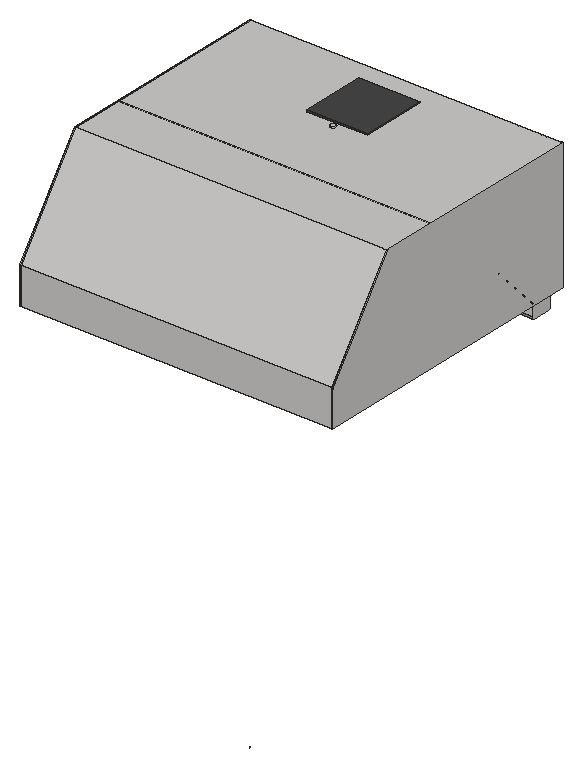
Revit family "QF_ELECTROLUXPROFESSIONAL_644220_ABPV1112BT", category Specialty Equipment, Revit 2014
Reference planes
  plane 1 "Center (Front/Back)": y = 0
  plane 2: z = 0
  plane 3 "Center (Left/Right)": x = 150
  plane 4 "LEFT": x = -450
  plane 5 "RIGHT": x = 750
  plane 6 "BACK": y = 550
  plane 7 "FRONT": y = -550
  plane 8 "TOP": z = 2500
  plane 9 "Base": z = 2000
  plane 10: z = 1926
  plane 11 "DrainY": y = 485
  plane 12: x = -447
  plane 13: through (0, 414.509, 2000.8) normal (0, 0.7314, 0.682)
  plane 14: y = 470
  plane 15: y = 220
  plane 16 "DrainX": x = 630
  plane 17: x = 33.5
  plane 18: x = 266.5
  plane 19: x = 747
  plane 20: x = 540
  plane 21: x = 720
  plane 22: x = -410
  plane 23: x = 710
  plane 24: x = -47.5
  plane 25: x = 347.5
  plane 26: z = 2140.01
  plane 27: y = 200
Forms (mm)
  Extrusion 1, solid, material "QF_Finishes_Stainless Steel"
    sketch origin (-450, 0, 360) x (0, 1, 0) y (0, 0, 1)
      loop
        line (550, 1640) -> (550, 2140) -> (-290, 2140) -> (-550, 1780.01) -> (-550, 1640) -> (550, 1640)
    from 0 to 3
  Extrusion 2, solid, material "QF_Finishes_Stainless Steel"
    sketch origin (150, 0, 360) x (0, 1, 0) y (0, 0, 1)
      loop
        line (415.255, 1640) -> (550, 1640) -> (550, 2139.19) -> (549.2, 2139.19) -> (549.2, 1640.8) -> (415.876, 1640.8) -> (339.347, 1722.867) -> (349.609, 1732.436) -> (348.927, 1733.167) -> (337.934, 1722.917) -> (415.255, 1640)
      loop
        line (-82.203, 2139.19) -> (-82.203, 2118.6) -> (-31.047, 2118.6) -> (34.354, 2048.466) -> (46.028, 2059.352) -> (45.346, 2060.083) -> (34.403, 2049.879) -> (-30.612, 2119.6) -> (-81.203, 2119.6) -> (-81.203, 2139.19) -> (-82.203, 2139.19)
    from -597 to 597
  Extrusion 3, solid, material "QF_Finishes_Stainless Steel"
    sketch origin (750, 0, 360) x (0, 1, 0) y (0, 0, 1)
      loop
        line (550, 1640) -> (550, 2140) -> (-290, 2140) -> (-550, 1780.01) -> (-550, 1640) -> (550, 1640)
    from 0 to -3
  Extrusion 4, solid, material "QF_Finishes_Stainless Steel"
    sketch origin (150, 0, 360) x (0, 1, 0) y (0, 0, 1)
      loop
        line (-550, 1780.01) -> (-550, 1640) -> (-549.2, 1640) -> (-549.2, 1779.751) -> (-289.598, 2139.19) -> (550, 2139.19) -> (550, 2140) -> (-290, 2140) -> (-550, 1780.01)
    from -600 to 600
  Extrusion 5, solid, material "QF_Finishes_Stainless Steel"
    sketch origin (150, 0, 360) x (0, 1, 0) y (0, 0, 1)
      loop
        line (534, 1640) -> (436, 1640) -> (436, 1627) -> (443.5, 1627) -> (443.5, 1576)
        arc (443.5, 1576) -> (446.429, 1568.929) -> (453.5, 1566) r 10
        line (453.5, 1566) -> (516.5, 1566)
        arc (516.5, 1566) -> (523.571, 1568.929) -> (526.5, 1576) r 10
        line (526.5, 1576) -> (526.5, 1627) -> (534, 1627) -> (534, 1640)
    from 390 to 570
  Extrusion 6, solid, material "QF_Finishes_Stainless Steel"
    sketch origin (0, 0, 2000) x (0, 1, 0) y (-1, 0, 0)
      loop
        circle (485, -630) r 20
    from -76 to -74
  Extrusion 7, solid, material "QF_Finished_Chrome"
    sketch origin (150, 0, 360) x (0, 1, 0) y (0, 0, 1)
      loop
        line (337.934, 1722.917) -> (341.591, 1726.327) -> (38.011, 2051.876) -> (34.354, 2048.466) -> (337.934, 1722.917)
    from -197.5 to -560
  Extrusion 8, solid, material "QF_Finishes_Stainless Steel"
    sketch origin (150, 0, 360) x (0, 1, 0) y (0, 0, 1)
      loop
        line (337.934, 1722.917) -> (341.591, 1726.327) -> (38.011, 2051.876) -> (34.354, 2048.466) -> (337.934, 1722.917)
    from 597 to 560
  Extrusion 9, solid, material "QF_Finished_Chrome"
    sketch origin (150, 0, 360) x (0, 1, 0) y (0, 0, 1)
      loop
        line (341.588, 1726.324) -> (38.009, 2051.874) -> (34.354, 2048.466) -> (337.934, 1722.917) -> (341.588, 1726.324)
    from 197.5 to 560
  Extrusion 10, solid, material "QF_Finishes_Black"
    sketch origin (0, 0, 2500) x (0, 1, 0) y (-1, 0, 0)
      loop
        line (470, -266.5) -> (470, -33.5) -> (220, -33.5) -> (220, -266.5) -> (470, -266.5)
    from 5 to 0
  Extrusion 11, solid, material "QF_Finishes_Stainless Steel"
    sketch origin (0, 0, 0) x (1, 0, 0) y (0, 1, 0)
      loop
        line (-450, 550) -> (-450, 549) -> (-449, 549) -> (-449, 550) -> (-450, 550)
    from 0 to 1
  Extrusion 12, solid, material "QF_Finishes_Stainless Steel"
    sketch origin (150, 0, 360) x (0, 1, 0) y (0, 0, 1)
      loop
        line (337.934, 1722.917) -> (341.591, 1726.327) -> (38.011, 2051.876) -> (34.354, 2048.466) -> (337.934, 1722.917)
    from -560 to -597
  Extrusion 13, solid, material "QF_Finishes_Stainless Steel"
    sketch origin (150, 0, 360) x (0, 1, 0) y (0, 0, 1)
      loop
        line (337.934, 1722.917) -> (341.591, 1726.327) -> (38.011, 2051.876) -> (34.354, 2048.466) -> (337.934, 1722.917)
    from 197.5 to -197.5
  Extrusion 14, solid, material "QF_Finishes_Stainless Steel"
    sketch origin (0, 0, 2500) x (0, 1, 0) y (-1, 0, 0)
      loop
        circle (200, -150) r 10
    from 0 to 1.6
Cuts and joins
  joined: Extrusion 2, Extrusion 4
Lines and regions (mm)
  reference lines
    curve 1: line (150, 34.354, 2408.466) -> (150, 34.354, 2248.466)
  symbolic lines, style "SpecialityEquipment", detail levels coarse
    curve 2: line (750, 550, 2500) -> (-450, 550, 2500)
    curve 3: line (-450, 550, 2500) -> (-450, -550, 2500)
    curve 4: line (750, -550, 2500) -> (750, 550, 2500)
    curve 5: line (-450, -550, 2500) -> (750, -550, 2500)
    curve 6: line (266.5, 220, 2500) -> (33.5, 220, 2500)
    curve 7: line (266.5, 470, 2500) -> (266.5, 220, 2500)
    curve 8: line (33.5, 470, 2500) -> (266.5, 470, 2500)
    curve 9: line (33.5, 220, 2500) -> (33.5, 470, 2500)
    curve 10: line (-450, -290, 0) -> (750, -290, 0)
    curve 11: line (-450, 550, 0) -> (750, -290, 0)
    curve 12: line (-450, -290, 0) -> (750, 550, 0)
Dimensions and locks
  plane 4 "LEFT" to plane 5 "RIGHT" = 1200 mm
  equal spacing: plane 4 "LEFT", plane 3 "Center (Left/Right)", plane 5 "RIGHT"
  locked: plane 8 "TOP" to plane 9 "Base" at 500
  plane 9 "Base" to plane 10 = 74 mm
  plane 6 "BACK" to plane 11 "DrainY" = 65 mm  (x2)
  plane 4 "LEFT" to plane 12 = 3 mm
  plane 6 "BACK" to plane 14 = 80 mm
  plane 14 to plane 15 = 250 mm  (x2)
  plane 16 "DrainX" to plane 5 "RIGHT" = 120 mm
  plane 19 to plane 5 "RIGHT" = 3 mm
  locked: plane 20 to plane 16 "DrainX" at 90
  locked: plane 16 "DrainX" to plane 21 at 90
  plane 6 "BACK" to plane 7 "FRONT" = 1100 mm  (x2)
  equal spacing: plane 6 "BACK", plane 1 "Center (Front/Back)", plane 7 "FRONT"
  plane 15 to plane 7 "FRONT" = 770 mm
  plane 14 to plane 6 "BACK" = 80 mm
  locked: plane 4 "LEFT" to plane 22 at 40
  locked: plane 23 to plane 5 "RIGHT" at 40
  locked: plane 24 to plane 25 at 395
  equal spacing: plane 24, plane 3 "Center (Left/Right)", plane 25
  locked: plane 17 to plane 18 at 233
  equal spacing: plane 17, plane 3 "Center (Left/Right)", plane 18
  curve 10 to plane 7 "FRONT" = 260 mm
  curve 10 to plane 6 "BACK" = 840 mm
  plane 9 "Base" to level = 2000 mm
  plane 26 to plane 9 "Base" = 140.01 mm
  plane 15 to plane 27 = 20 mm
  aligned and locked: level to plane 2
  aligned and locked: Extrusion 2 to Extrusion 1
  aligned and locked: Extrusion 2 to Extrusion 3
  aligned and locked: plane 5 "RIGHT" to Extrusion 4
  aligned and locked: Extrusion 4 to plane 4 "LEFT"
  aligned and locked: plane 19 to Extrusion 8
  aligned and locked: Extrusion 10 to plane 17
  aligned and locked: Extrusion 10 to plane 15
  aligned and locked: Extrusion 10 to plane 14
  aligned and locked: Extrusion 2 to Extrusion 4
  aligned and locked: plane 21 to Extrusion 5
  aligned and locked: Extrusion 5 to plane 20
  aligned and locked: Extrusion 8 to plane 23
  aligned and locked: Extrusion 9 to plane 23
  aligned and locked: Extrusion 7 to plane 22
  aligned and locked: Extrusion 12 to plane 12
  aligned and locked: plane 22 to Extrusion 12
  aligned and locked: Extrusion 3 to plane 19
  aligned and locked: Extrusion 10 to plane 18
  aligned and locked: plane 18 to curve 7
  aligned and locked: plane 25 to Extrusion 13
  aligned and locked: Extrusion 13 to plane 24
  aligned and locked: Extrusion 9 to plane 25
Automatic sketch dimensions
  curve 5 to plane 5 "RIGHT" = 0 mm
  curve 5 to plane 7 "FRONT" = 0 mm
  curve 6 to plane 15 = 0 mm
  plane 14 to curve 8 = 0 mm
  curve 3 to plane 4 "LEFT" = 0 mm
  curve 3 to plane 6 "BACK" = 0 mm
  curve 6 to plane 17 = 0 mm
  Extrusion 2 sketch curve to plane 13 = 0 mm  (x3)
  Extrusion 2 sketch curve to plane 9 "Base" = 0 mm
  plane 13 to Extrusion 2 sketch curve = 0 mm
  Extrusion 2 sketch curve to plane 6 "BACK" = 0 mm
  Extrusion 2 sketch curve to Extrusion 2 sketch curve = 65.646 mm
  Extrusion 2 sketch curve to Extrusion 2 sketch curve = 0.682 mm  (x2)
  Extrusion 2 sketch curve to Extrusion 2 sketch curve = 10.261 mm
  plane 9 "Base" to Extrusion 2 sketch curve = 82.917 mm
  Extrusion 2 sketch curve to plane 1 "Center (Front/Back)" = 46.028 mm
  Extrusion 2 sketch curve to Extrusion 2 sketch curve = 10.942 mm
  Extrusion 2 sketch curve to Extrusion 2 sketch curve = 0.049 mm
  Extrusion 2 sketch curve to plane 8 "TOP" = 20.4 mm
  Extrusion 2 sketch curve to plane 8 "TOP" = 21.4 mm
  Extrusion 2 sketch curve to plane 8 "TOP" = 0.81 mm  (x2)
  Extrusion 2 sketch curve to Extrusion 2 sketch curve = 50.156 mm
  Extrusion 2 sketch curve to Extrusion 2 sketch curve = 1 mm
  plane 9 "Base" to Extrusion 2 sketch curve = 0.8 mm
  Extrusion 2 sketch curve to plane 6 "BACK" = 0.8 mm
  curve 1 to plane 13 = 0 mm
  curve 1 to plane 1 "Center (Front/Back)" = 34.354 mm
  Extrusion 5 sketch curve to plane 9 "Base" = 0 mm
  Extrusion 5 sketch curve to plane 10 = 0 mm
  Extrusion 5 sketch curve to plane 9 "Base" = 13 mm  (x2)
  plane 14 to Extrusion 5 sketch curve = 34 mm
  Extrusion 5 sketch curve to Extrusion 5 sketch curve = 7.5 mm  (x2)
  Extrusion 5 sketch curve to Extrusion 5 sketch curve = 10 mm
  plane 11 "DrainY" to Extrusion 5 sketch curve = 31.5 mm
  Extrusion 5 sketch curve to plane 6 "BACK" = 23.5 mm
  Extrusion 6 sketch curve to plane 11 "DrainY" = 0 mm
  Extrusion 6 sketch curve to plane 16 "DrainX" = 0 mm
  Extrusion 7 sketch curve to plane 13 = 0 mm  (x2)
  Extrusion 7 sketch curve to plane 1 "Center (Front/Back)" = 34.354 mm
  Extrusion 7 sketch curve to Extrusion 7 sketch curve = 3.657 mm
  plane 9 "Base" to Extrusion 7 sketch curve = 82.917 mm
  Extrusion 8 sketch curve to plane 13 = 0 mm  (x2)
  Extrusion 8 sketch curve to plane 1 "Center (Front/Back)" = 34.354 mm
  Extrusion 8 sketch curve to Extrusion 8 sketch curve = 3.657 mm
  plane 9 "Base" to Extrusion 8 sketch curve = 82.917 mm
  Extrusion 9 sketch curve to plane 13 = 0 mm  (x2)
  Extrusion 9 sketch curve to plane 1 "Center (Front/Back)" = 34.354 mm
  Extrusion 9 sketch curve to Extrusion 9 sketch curve = 3.655 mm
  plane 9 "Base" to Extrusion 9 sketch curve = 82.917 mm
  Extrusion 10 sketch curve to plane 15 = 0 mm
  plane 14 to Extrusion 10 sketch curve = 0 mm
  Extrusion 10 sketch curve to plane 18 = 0 mm
  Extrusion 10 sketch curve to plane 17 = 0 mm
  Extrusion 11 sketch curve to plane 4 "LEFT" = 0 mm
  Extrusion 11 sketch curve to plane 6 "BACK" = 0 mm
  plane 4 "LEFT" to Extrusion 11 sketch curve = 1 mm
  Extrusion 11 sketch curve to Extrusion 11 sketch curve = 1 mm
  Extrusion 12 sketch curve to plane 13 = 0 mm  (x2)
  Extrusion 12 sketch curve to plane 1 "Center (Front/Back)" = 34.354 mm
  Extrusion 12 sketch curve to Extrusion 12 sketch curve = 3.657 mm
  plane 9 "Base" to Extrusion 12 sketch curve = 82.917 mm
  Extrusion 13 sketch curve to plane 13 = 0 mm  (x2)
  Extrusion 13 sketch curve to plane 1 "Center (Front/Back)" = 34.354 mm
  Extrusion 13 sketch curve to Extrusion 13 sketch curve = 3.657 mm
  plane 9 "Base" to Extrusion 13 sketch curve = 82.917 mm
  Extrusion 4 sketch curve to plane 7 "FRONT" = 0 mm
  Extrusion 4 sketch curve to plane 9 "Base" = 0 mm
  Extrusion 4 sketch curve to plane 8 "TOP" = 0 mm
  Extrusion 4 sketch curve to plane 6 "BACK" = 0 mm
  Extrusion 4 sketch curve to Extrusion 4 sketch curve = 0.8 mm
  plane 9 "Base" to Extrusion 4 sketch curve = 140.01 mm
  Extrusion 4 sketch curve to Extrusion 4 sketch curve = 0.81 mm
  Extrusion 4 sketch curve to Extrusion 4 sketch curve = 0.259 mm
  Extrusion 4 sketch curve to Extrusion 4 sketch curve = 0.402 mm
  plane 7 "FRONT" to Extrusion 4 sketch curve = 260 mm
  Extrusion 3 sketch curve to plane 7 "FRONT" = 0 mm
  Extrusion 3 sketch curve to plane 8 "TOP" = 0 mm
  Extrusion 3 sketch curve to plane 6 "BACK" = 0 mm
  Extrusion 3 sketch curve to plane 9 "Base" = 0 mm
  plane 9 "Base" to Extrusion 3 sketch curve = 140.01 mm
  plane 7 "FRONT" to Extrusion 3 sketch curve = 260 mm
  Extrusion 1 sketch curve to plane 7 "FRONT" = 0 mm
  Extrusion 1 sketch curve to plane 8 "TOP" = 0 mm
  Extrusion 1 sketch curve to plane 6 "BACK" = 0 mm
  Extrusion 1 sketch curve to plane 9 "Base" = 0 mm
  plane 9 "Base" to Extrusion 1 sketch curve = 140.01 mm
  plane 7 "FRONT" to Extrusion 1 sketch curve = 260 mm
  curve 1 to curve 1 = 160 mm
  curve 11 to plane 4 "LEFT" = 0 mm
  curve 10 to plane 4 "LEFT" = 0 mm
  curve 11 to plane 5 "RIGHT" = 0 mm
  curve 12 to plane 5 "RIGHT" = 0 mm
  curve 12 to plane 6 "BACK" = 0 mm
  curve 11 to plane 6 "BACK" = 0 mm
  Extrusion 14 sketch curve to plane 3 "Center (Left/Right)" = 0 mm
  Extrusion 14 sketch curve to plane 27 = 0 mm
  radius of Extrusion 6 sketch curve = 20 mm
  radius of Extrusion 14 sketch curve = 10 mm
Connectors
  piping at (630, 485, 1924), diameter 20
    settings: on Extrusion 6, index 1, connector inside diameter 609.6 mm, connector length 0 mm, flow factor 0, pipe flow 0.0 L/s, pressure drop 0.0 Pa, fitting loss kfactor 0, connector angle 0.00°, fixture units 0, engagement length 0 mm, angle of deflection 0.00°, flow configuration 1, flow direction 2, fitting loss method 0, system type 16, joint type 0, gender type 0, connector reference index -1, connector utility 0, adjustable connector no, is connector primary yes, connector description "Drain"
  hvac at (150, 345, 2505)
    settings: on Extrusion 10, index 2, duct flow 0.0 L/s, flow factor 0, pres drop 0.0 Pa, loss coef 0, conn angle 0.00°, conn width 250 mm, conn height 233 mm, conn diameter 609.6 mm, duct sys type 3, conn prof type 1, flow config 0, flow direction 2, loss method 0, conn ref index -1, conn util no, is conn primary yes, conn desc "EXHAUST OUTLET"
  electrical at (150, 200, 2501.6)
    settings: on Extrusion 14, index 3, voltage 0 V, apparent load 0 VA, apparent load phase1 0 VA, apparent load phase2 0 VA, apparent load phase3 0 VA, power factor 1, load classification "Other", number of poles 1, system type 30, power factor state 1, is connector primary yes, connector utility no, sub classification motor no, connector description "Electrical Connection"
